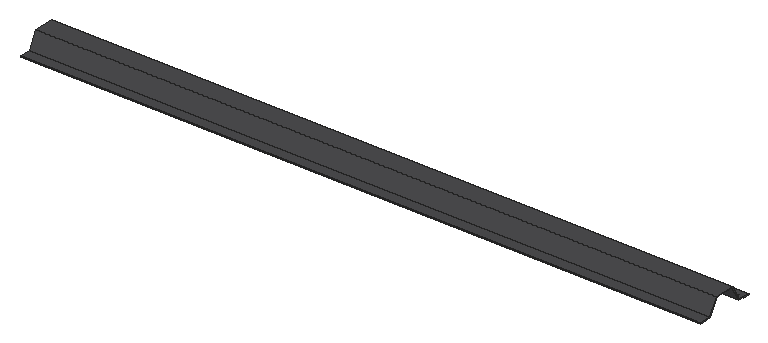
Revit family "BIMLIB_ПланкаОпорнаяФальц_GRANDLINE", category Обобщенные модели, Revit 2017
Family settings
  Может служить основой для арматурных стержней = Нет
  Размер круглого соединителя = Использовать диаметр
  Тип детали = Нормальный
  При загрузке вырезать с полостями = Нет
  Общий = Нет
  Точка расчета площади = Нет
Parameters (values of type "Планка опорная фальц")
  Угол_Подрезки_Справа [instance] = 45.00°
  Угол_Подрезки_Слева [instance] = 45.00°
  Угол_Подрезки_Скос_Справа [instance] = if(and(Угловая_Подрезка_Справа, not(Vобразная_Подрезка_Справа)), Угол_Подрезки_Справа, 0.00°)  # 0.00°
  Угол_Подрезки_Скос_Слева [instance] = if(and(Угловая_Подрезка_Слева, not(Vобразная_Подрезка_Слева)), Угол_Подрезки_Слева, 0.00°)  # 0.00°
  Угол_Vобразный_Справа [instance] = if(Vобразная_Подрезка_Справа, Угол_Подрезки_Справа, 0.00°)  # 0.00°
  Угол_Vобразный_Слева [instance] = if(Vобразная_Подрезка_Слева, Угол_Подрезки_Слева, 0.00°)  # 0.00°
  Угловая_Подрезка_Справа [instance] = no
  Угловая_Подрезка_Слева [instance] = no
  Смещение [instance] = 0 mm  # constant formula
  Профиль_Ширина [instance] = 105 mm * cos(Профиль_УголПоворота)  # 105 mm
  Профиль_УголПоворота [instance] = 0.00°
  Описание = ADSK_Наименование  # "Планка опорная фальц GL 50х35х50"
  Изготовитель = [ADSK_Завод-изготовитель]  # "Grand Line"
  built-in parameter 1001306 [instance] = 1200 mm
  Watermark [instance] = "Модели защищены уникальным кодом"
  Vобразная_Подрезка_Справа [instance] = no
  Vобразная_Подрезка_Слева [instance] = no
  URL = "https://www.grandline.ru"
  BL_Разработано = "support@bimlib.pro"
  BL_Email = "info@grandline.ru"
  BL_BIM library = "https://bimlib.pro/manufacturer/company/22430"
  ADSK_Размер_Длина [instance] = [built-in parameter 1001306]  # 1200 mm
  ADSK_Обозначение = "ГОСТ 19904-90, ГОСТ 14918-80"
  ADSK_Наименование = "Планка опорная фальц GL 50х35х50"
  ADSK_Материал тип подсчета = 1  # constant formula
  ADSK_Материал = GL_Сталь_RAL9005
  ADSK_Масса_Текст [instance] = ""
  ADSK_Масса [instance] = 0
  ADSK_Марка = ""
  ADSK_Количество [instance] = if(ADSK_Материал тип подсчета = 0, 1, if(ADSK_Материал тип подсчета = 1, ADSK_Размер_Длина / 1000 mm, 0))  # 1.2
  ADSK_Код изделия = "М012-048-01"  # constant formula
  ADSK_Завод-изготовитель = "Grand Line"  # constant formula
  ADSK_Единица измерения = "м"  # constant formula
  ADSK_Группирование = "Доборные элементы"  # constant formula
  ADSK_Версия Revit = "2017"  # constant formula
  ADSK_URL страницы изделия = ""
  ADSK_URL документации изделия = ""
Reference planes
  plane 1 "По центру (Вперед/Назад)": y = 0
  plane 2: z = 0
  plane 3 "Слева": x = 0
  plane 4 "Справа": x = 1200
  plane 5: x = 1201
  plane 6: y = -52.5
  plane 7: y = 52.5
  plane 8: x = -1
Forms (mm)
  Sweep 1, solid, material "GL_Сталь_RAL9005" <- "ADSK_Материал"
    path in 3D
      loop
        line (0, 0, 0) -> (1200, 0, 0)
    profile "Профиль_ПланкаОпорнаяФальц : Профиль_ПланкаОпорнаяФальц" origin (600, 0, 0) x (0, 1, 0) y (0, 0, 1)
      loop
        line (-17.5, 27.581) -> (-32.5, 1.6) -> (-52.5, 1.6) -> (-52.5, 0) -> (-42, 0) -> (-42, 0.8) -> (-32.038, 0.8) -> (-17.038, 26.781) -> (17.038, 26.781) -> (32.038, 0.8) -> (42, 0.8) -> (42, 0) -> (52.5, 0) -> (52.5, 1.6) -> (32.5, 1.6) -> (17.5, 27.581) -> (-17.5, 27.581)
  Extrusion 2, void
    sketch origin (0, 0, 0) x (1, 0, 0) y (0, 1, 0)
      loop
        line (1200, 310) -> (1200, 0) -> (1200, -310) -> (1201, -310) -> (1201, 310) -> (1200, 310)
    from 0 to 400
  Extrusion 3, void
    sketch origin (0, 0, 0) x (1, 0, 0) y (0, 1, 0)
      loop
        line (1200, -52.5) -> (1201, -52.5) -> (1201, 52.481) -> (1200, 52.481) -> (1200, -52.5)
    from -95.672 to 400
  Extrusion 4, void
    sketch origin (1200, 0, 0) x (-1, 0, 0) y (0, -1, 0)
      loop
        line (1200, 52.5) -> (1200, -52.5) -> (1201, -52.5) -> (1201, 52.5) -> (1200, 52.5)
    from -69.115 to 400
  Extrusion 5, void
    sketch origin (1200, 0, 0) x (-1, 0, 0) y (0, -1, 0)
      loop
        line (1200, -85.336) -> (1201, -85.336) -> (1201, 86.665) -> (1200, 86.665) -> (1200, 0) -> (1200, -85.336)
    from -45.667 to 400
Cuts and joins
  Extrusion 2, Extrusion 3, Extrusion 4, Extrusion 5 cuts Sweep 1
Lines and regions (mm)
  reference lines
    curve 1: line (0, 0, 0) -> (1200, 0, 0)
  sketch lines
    curve 2: line (0, 0, 0) -> (1200, 0, 0)
Dimensions and locks
  "built-in parameter 1001306": plane 3 "Слева" to plane 4 "Справа"
  locked: Extrusion 2 sketch curve to curve 1 at 310  (x2)
  locked: plane 4 "Справа" to plane 5 at 1
  equal spacing: plane 7, plane 1 "По центру (Вперед/Назад)", plane 6
  "Профиль_Ширина": plane 7 to plane 6
  locked: plane 8 to plane 3 "Слева" at 1
  "Угол_Vобразный_Справа": angle plane 4 "Справа" to Extrusion 2 sketch curve
  "Угол_Vобразный_Справа": angle Extrusion 2 sketch curve to plane 4 "Справа"
  "Угол_Подрезки_Скос_Справа": angle plane 4 "Справа" to Extrusion 3 sketch curve
  "Угол_Подрезки_Скос_Слева": angle Extrusion 4 sketch curve to plane 3 "Слева"
  "Угол_Vобразный_Слева": angle plane 3 "Слева" to Extrusion 5 sketch curve
  "Угол_Vобразный_Слева": angle Extrusion 5 sketch curve to plane 3 "Слева"
  aligned and locked: plane 4 "Справа" to curve 1
  aligned and locked: plane 1 "По центру (Вперед/Назад)" to curve 1
  aligned and locked: plane 3 "Слева" to curve 1
  aligned and locked: level to plane 2
  aligned and locked: Extrusion 2 sketch curve to plane 5
  aligned and locked: plane 1 "По центру (Вперед/Назад)" to Extrusion 2 sketch curve
  aligned and locked: plane 4 "Справа" to Extrusion 2 sketch curve
  aligned and locked: plane 8 to Extrusion 4 sketch curve
  aligned and locked: Extrusion 4 sketch curve to plane 7
  aligned and locked: plane 3 "Слева" to Extrusion 4 sketch curve
  aligned and locked: plane 6 to Extrusion 4 sketch curve
  aligned and locked: Extrusion 5 sketch curve to plane 8
  aligned and locked: plane 1 "По центру (Вперед/Назад)" to Extrusion 5 sketch curve
  aligned and locked: plane 3 "Слева" to Extrusion 5 sketch curve
Automatic sketch dimensions
  Extrusion 3 sketch curve to plane 4 "Справа" = 0 mm
  Extrusion 3 sketch curve to plane 5 = 0 mm
  Extrusion 3 sketch curve to plane 6 = 0 mm
  Extrusion 3 sketch curve to plane 7 = 0.019 mm
  plane 6 to Extrusion 5 sketch curve = 34.165 mm
  Extrusion 5 sketch curve to plane 7 = 32.836 mm
